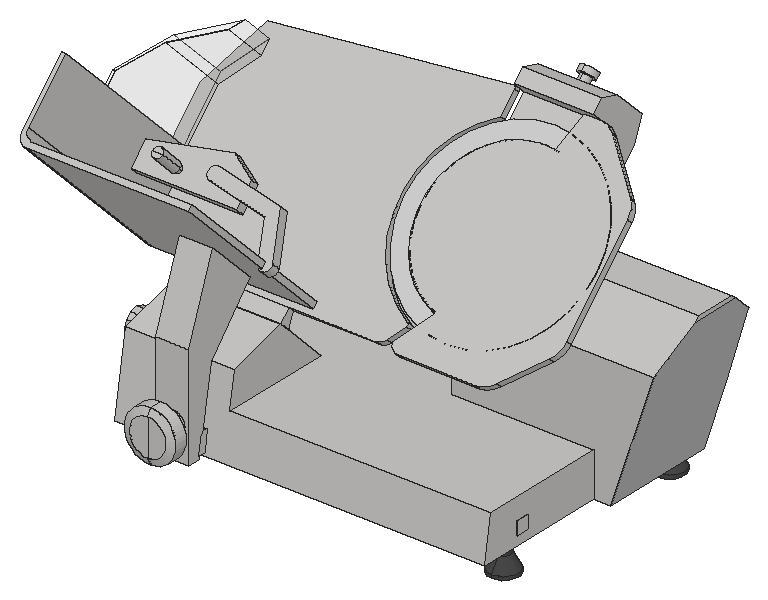
Revit family "QF_ELECTROLUXPROFESSIONAL_601009_MSGA30G", category Attrezzature speciali, Revit 2020
Family settings
  Quota connettore circolare = Usa diametro
  Tipo di parte = Normale
  Basato su piano di lavoro = No
  Sempre verticale = Sì
  Taglio con vuoti quando caricato = No
  Condiviso = No
  Punto di calcolo locali = No
Parameters (values of type "Standard")
  Weight = 49.00 kg
  Watts = 500 W
  Volts = 230 V
  URL Manufacturer = "https://www.electroluxprofessional.com/"
  URL = "https://www.electroluxprofessional.com/"
  Steam Supply Size = 0 mm
  Steam Supply Minimum Pressure = 0.0 Pa
  Steam Supply Maximum Pressure = 0.0 Pa
  Steam Consumption per Hour = 0
  Refrigeration Suction Line Size = 0 mm
  Refrigeration Liquid Line Size = 0 mm
  Refrigerant Compressor Remote = yes
  Prospetto di default = 0 mm
  Produttore = "Electrolux Professional"
  Phase = 1
  Modello = "MSGA30G"
  Length Actual = 760 mm  # constant formula
  Item Number = "601009"
  Hot Water Size = 0 mm
  Height Actual = 590 mm  # constant formula
  HP = "0.7 HP"
  Gas Size = 0 mm
  Gas KW = 0
  Gas Input Pressure = 0 W
  Direct Waste Size = 0 mm
  Descrizione = "GRAVITY SLICER 300 MM GEAR TRANS.AUTOM."
  Depth Actual = 520 mm  # constant formula
  Cycle = 50 Hz
  Condensate Return Size = 0 mm
  Compressed Air Volume = 0.0 L/s
  Compressed Air Size = 0 mm
  Compressed Air Pressure = 0.0 Pa
  Cold Water Size = 0 mm
  Accessory = yes
Reference planes
  plane 1 "Back": y = 0
  plane 2: z = 0
  plane 3 "Left": x = 0
Forms (mm)
  Extrusion 1, solid, material "QF_Finishes_Stainless Steel"
    sketch origin (85, -122.055, 30.262) x (0, 1, 0) y (0, 0, 1)
      loop
        line (-333.601, 0.971) -> (-309.749, 123.674) -> (-237.002, 207.361) -> (-305.973, 276.332) -> (-351.34, 158.148) -> (-351.34, 0.971) -> (-333.601, 0.971)
    from 0 to 50
  Extrusion 2, solid, material "QF_Finishes_Stainless Steel"
    sketch origin (2551.751, -61.426, 70.957) x (0, 1, 0) y (0, 0, 1)
      loop
        line (-176.306, 156.519) -> (-176.306, -39.307) -> (5.363, -39.307) -> (-6.046, 178.383)
        arc (-6.046, 178.383) -> (-7.251, 181.385) -> (-10.041, 183.021) r 5
        line (-10.041, 183.021) -> (-84.809, 248.016) -> (-176.306, 156.519)
    from -2207.668 to -1883.433
  Extrusion 3, solid, material "QF_Finishes_Stainless Steel"
    sketch origin (366.066, -66.135, 60.856) x (0, 0.965926, -0.258819) y (0, 0.258819, 0.965926)
      loop
        line (-22.353, 351.363) -> (-78.648, 383.865) -> (-108.648, 383.865) -> (-119.762, 364.616) -> (-97.262, 351.626) -> (-116.148, 318.913) -> (-64.187, 288.913)
        arc (-64.187, 288.913) -> (-52.101, 292.661) -> (-39.728, 290.011) r 25
        line (-39.728, 290.011) -> (-27.228, 311.661) -> (-22.353, 351.363)
    from -47.292 to 72.708
  Extrusion 4, solid, material "QF_Finishes_Stainless Steel"
    sketch origin (-860, -326.589, 211.405) x (1, 0, 0) y (0, 0.707107, 0.707107)
      loop
        line (813.75, -4.419) -> (1060, -4.419) -> (1060, 5) -> (818.75, 5)
        arc (818.75, 5) -> (808.143, 9.393) -> (803.75, 20) r 15
        line (803.75, 20) -> (803.75, 118.624) -> (798.75, 118.624) -> (798.75, 10.581)
        arc (798.75, 10.581) -> (803.143, -0.026) -> (813.75, -4.419) r 15
    from -13.725 to 318.968
  Extrusion 5, solid, material "QF_Finishes_Stainless Steel"
    sketch origin (-855, -277.722, 217.027) x (1, 0, 0) y (0, 0.707107, 0.707107)
      loop
        line (763.318, 161.542) -> (763.318, 94.781) -> (791.428, 17.549) -> (930.335, -50.201) -> (1150.048, -50.201)
        arc (1150.048, -50.201) -> (1158.255, -48.23) -> (1164.673, -42.749) r 18.077
        line (1164.673, -42.749) -> (1180.947, -20.35)
        arc (1180.947, -20.35) -> (1181.513, -17.285) -> (1179.484, -14.918) r 3.615
        arc (1179.484, -14.918) -> (1089.905, 116.11) -> (1167.4, 254.629) r 150.638
        line (1167.4, 254.629) -> (1167.4, 292.861)
        arc (1167.4, 292.861) -> (1166.204, 295.548) -> (1163.407, 296.457) r 3.615
        line (1163.407, 296.457) -> (811.058, 259.423) -> (763.318, 161.542)
      loop
        line (1187.069, -55.599) -> (1304.834, -55.599)
        arc (1304.834, -55.599) -> (1318.669, -52.847) -> (1330.398, -45.01) r 36.153
        line (1330.398, -45.01) -> (1382.226, 6.817)
        arc (1382.226, 6.817) -> (1390.063, 18.546) -> (1392.815, 32.381) r 36.153
        line (1392.815, 32.381) -> (1392.815, 196.031)
        arc (1392.815, 196.031) -> (1390.063, 209.866) -> (1382.226, 221.595) r 36.153
        line (1382.226, 221.595) -> (1319.339, 284.482)
        arc (1319.339, 284.482) -> (1307.61, 292.319) -> (1293.775, 295.071) r 36.153
        line (1293.775, 295.071) -> (1271.742, 295.071) -> (1257.495, 242.147)
        arc (1257.495, 242.147) -> (1122.452, 147.611) -> (1208.089, 6.756) r 120.51
        line (1208.089, 6.756) -> (1172.092, -42.788)
        arc (1172.092, -42.788) -> (1177.215, -51.96) -> (1187.069, -55.599) r 15.16
    from 0 to 10
  Extrusion 6, solid, material "QF_Finishes_Handrails and Railings"
    sketch origin (-857.5, -276.981, 216.287) x (1, 0, 0) y (0, 0.707107, 0.707107)
      loop
        circle (1243.069, 123.499) r 120
      loop
        circle (1243.069, 123.499) r 146.139
    from 8.048 to 10.048
  Extrusion 7, solid, material "QF_Finishes_Stainless Steel"
    sketch origin (562, -232.867, 440.055) x (0, 0, 1) y (0, 1, 0)
      loop
        line (-392.404, -132.714) -> (-392.404, -152.714) -> (-372.404, -152.714) -> (-372.404, -132.714) -> (-392.404, -132.714)
    from 0 to 2
  Revolve 8, solid, material "QF_Finishes_Black"
    sketch origin (10, -2.5, 31.651) x (0, 1, 0) y (0, 0, 1)
      loop
        line (-20, 0) -> (-20, -31.651) -> (2.5, -31.651) -> (2.5, -26.651) -> (-10, -5) -> (-10, 0) -> (-20, 0)
      axis (-20, -31.651) -> (-20, 0)
    angle from 0 to 360
  Extrusion 9, solid, material "QF_Finishes_Stainless Steel"
    sketch origin (0, -185.812, -59.578) x (0, 0.819152, -0.573576) y (0, 0.573576, 0.819152)
      loop
        arc (-236.89, 100.813) -> (-242.412, 111.975) -> (-242.659, 124.426) r 28.564
        line (-242.659, 124.426) -> (-252.507, 126.163) -> (-257.03, 104.365) -> (-236.89, 100.813)
    from 82.054 to 165.038
  Revolve 10, solid, material "QF_Finishes_Handrails and Railings"
    sketch origin (396.25, -98.328, 38.933) x (0, 0.965926, -0.258819) y (0, 0.258819, 0.965926)
      loop
        line (-112.183, 311.259) -> (-156.845, 233.902) -> (-138.755, 223.458) -> (-118.755, 258.099) -> (-112.183, 311.259)
      axis (-138.755, 223.458) -> (-156.845, 233.902)
    angle from 0 to 360
  Revolve 11, solid, material "QF_Finishes_Black"
    sketch origin (550, -62.5, 31.651) x (0, 1, 0) y (0, 0, -1)
      loop
        line (-20, 0) -> (-10, 0) -> (-10, 5) -> (2.5, 26.651) -> (2.5, 31.651) -> (-20, 31.651) -> (-20, 0)
      axis (-20, 31.651) -> (-20, 0)
    angle from 0 to 360
  Revolve 12, solid, material "QF_Finishes_Black"
    sketch origin (10, -416.25, 31.651) x (0, -1, 0) y (0, 0, -1)
      loop
        line (-20, 0) -> (-10, 0) -> (-10, 5) -> (2.5, 26.651) -> (2.5, 31.651) -> (-20, 31.651) -> (-20, 0)
      axis (-20, 31.651) -> (-20, 0)
    angle from 0 to 360
  Revolve 13, solid, material "QF_Finishes_Black"
    sketch origin (550, -416.25, 31.651) x (0, -1, 0) y (0, 0, 1)
      loop
        line (-20, 0) -> (-20, -31.651) -> (2.5, -31.651) -> (2.5, -26.651) -> (-10, -5) -> (-10, 0) -> (-20, 0)
      axis (-20, -31.651) -> (-20, 0)
    angle from 0 to 360
  Extrusion 14, solid, material "QF_Finishes_Stainless Steel"
    sketch origin (-60, -107.734, 25.811) x (0, 1, 0) y (0, 0, 1)
      loop
        line (-346.965, 10.346) -> (-336.471, 10.346) -> (-331.182, 40.346) -> (-341.133, 40.346) -> (-346.965, 10.346)
    from 145 to 195
  Revolve 15, solid, material "QF_Finishes_Stainless Steel"
    sketch origin (-1014.056, -354.997, -19.835) x (1, 0, 0) y (0, 0, 1)
      loop
        line (1014.056, 171) -> (1011.556, 171) -> (1002.782, 157.226) -> (1002.782, 155.22) -> (999.669, 150.775) -> (999.669, 149.212) -> (995.281, 149.212) -> (995.281, 133) -> (1014.056, 133) -> (1014.056, 171)
      axis (995.281, 133) -> (1014.056, 133)
    angle from 0 to 360
  Extrusion 16, solid, material "QF_Finishes_Stainless Steel"
    sketch origin (-1014.056, -77.43, 49.151) x (0, 1, 0) y (0, 0, 1)
      loop
        line (-288.697, 82.907) -> (-296.745, 74.859) -> (-299.691, 63.865) -> (-296.745, 52.871) -> (-288.697, 44.823) -> (-277.704, 41.877) -> (-266.71, 44.823) -> (-258.662, 52.871) -> (-255.716, 63.865) -> (-258.662, 74.859) -> (-266.71, 82.907) -> (-277.704, 85.852) -> (-288.697, 82.907)
    from 975.281 to 995.281
  Revolve 17, solid, material "QF_Finishes_Stainless Steel"
    sketch origin (373.775, -66.135, 60.856) x (0, 0.965926, -0.258819) y (0, 0.258819, 0.965926)
      loop
        line (-60.28, 373.26) -> (-53.482, 369.335) -> (-47.768, 379.231) -> (-43.438, 376.731) -> (-38.886, 384.616) -> (-50.014, 391.041) -> (-60.28, 373.26)
      axis (-60.28, 373.26) -> (-50.014, 391.041)
    angle from 0 to 360
  Extrusion 18, solid, material "Vetro Trasparente"
    sketch origin (-1026.175, -198.326, 142.823) x (1, 0, 0) y (0, 0.707107, 0.707107)
      loop
        line (959.925, 7.799) -> (964.925, 7.799) -> (964.925, 162.745) -> (1000.743, 213.899) -> (1000.743, 235.858) -> (959.925, 177.563) -> (959.925, 7.799)
    from 125.466 to 336.698
  Revolve 19, solid, material "QF_Finishes_Stainless Steel"
    sketch origin (110, -95.805, 19.721) x (0, 1, 0) y (0, 0, 1)
      loop
        line (-377.59, 60.846) -> (-377.59, 78.816) -> (-395.099, 78.816) -> (-400.656, 99.554) -> (-419.582, 99.554) -> (-424.195, 88.687) -> (-424.195, 60.846) -> (-377.59, 60.846)
      axis (-377.59, 60.846) -> (-424.195, 60.846)
    angle from 0 to 360
  Extrusion 20, solid, material "QF_Finishes_Stainless Steel"
    sketch origin (-1195.747, -530.976, 140.435) x (1, 0, 0) y (0, 0.707107, 0.707107)
      loop
        line (1157.755, 287.815) -> (1157.755, 247.815) -> (1317.755, 247.815) -> (1317.755, 287.815) -> (1278.255, 310.62) -> (1157.755, 287.815)
    from 0 to 15
  Extrusion 21, solid, material "QF_Finishes_Stainless Steel"
    sketch origin (-1195.747, -541.583, 151.041) x (1, 0, 0) y (0, 0.707107, 0.707107)
      loop
        arc (1278.158, 286.028) -> (1266.573, 277.917) -> (1274.685, 266.332) r 10
        line (1274.685, 266.332) -> (1366.873, 250.077) -> (1389.061, 193.545)
        arc (1389.061, 193.545) -> (1402.023, 187.89) -> (1407.678, 200.852) r 10
        line (1407.678, 200.852) -> (1381.393, 267.825) -> (1278.158, 286.028)
    from 0 to 15
  Revolve 22, solid, material "QF_Finishes_Stainless Steel"
    sketch origin (-1195.747, -341.603, 329.808) x (1, 0, 0) y (0, 0.707107, -0.707107)
      loop
        line (1217.755, -15) -> (1217.755, -70) -> (1225.755, -70) -> (1225.755, -25) -> (1222.755, -25) -> (1222.755, -15) -> (1217.755, -15)
      axis (1217.755, -15) -> (1217.755, -70)
    angle from 0 to 360
  Extrusion 23, solid, material "QF_Finishes_Stainless Steel"
    sketch origin (0, 725.07, 0) x (0, 1, 0) y (0, 0, 1)
      loop
        line (-725.07, 31.651) -> (-729.717, 98.092) -> (-986.321, 98.092) -> (-1061.568, 173.339) -> (-1149.229, 149.851) -> (-1170.07, 31.651) -> (-725.07, 31.651)
    from 0 to 560
  Extrusion 24, void
    sketch origin (-580, 725.07, 0) x (1, 0, 0) y (0, 0, 1)
      loop
        line (1140, 98.092) -> (1140, 252.585) -> (726.038, 252.585) -> (726.038, 230.71) -> (745.038, 230.71) -> (745.038, 98.092) -> (1140, 98.092)
    from 928.534 to 1215.975
  Extrusion 25, void
    sketch origin (0, 725.07, 0) x (1, 0, 0) y (0, 1, 0)
      loop
        line (749.084, -786.712) -> (749.084, -702.514) -> (256.584, -702.514) -> (256.584, -726.712)
        arc (256.584, -726.712) -> (291.036, -770.272) -> (344.084, -786.712) r 93.802
        line (344.084, -786.712) -> (749.084, -786.712)
    from 0 to 167.979
  Extrusion 26, void
    sketch origin (25, 705.159, -9) x (0, 1, 0) y (0, 0, 1)
      loop
        line (-1092.154, 460.316) -> (-839.353, 451.488) -> (-970.168, 582.303) -> (-1092.154, 460.316)
    from -129.832 to 15
  Extrusion 27, void
    sketch origin (0, 725.07, 0) x (1, 0, 0) y (0, 0, 1)
      loop
        line (460.019, 328.002) -> (460.019, 300)
        arc (460.019, 300) -> (462.948, 292.929) -> (470.019, 290) r 10
        line (470.019, 290) -> (690.019, 290) -> (690.019, 328.002) -> (460.019, 328.002)
    from 804.616 to 940
  Extrusion 28, void
    sketch origin (0.719, 725.07, 1.376) x (1, 0, 0) y (0, 0, 1)
      loop
        line (583.235, 28.624) -> (682.599, 28.624) -> (682.599, 327.91) -> (583.235, 28.624)
    from 745.119 to 1004.973
Cuts and joins
  joined: Extrusion 5, Extrusion 9
  Extrusion 24, Extrusion 25 cuts Extrusion 23
  Extrusion 26 cuts Extrusion 18
  Extrusion 25, Extrusion 27, Extrusion 28 cuts Extrusion 2
Dimensions and locks
  cut or joined group of Extrusion 23, Extrusion 24, Extrusion 25 to cut or joined group of Extrusion 23, Extrusion 24, Extrusion 25 = 560 mm
  Extrusion 2 to cut or joined group of Extrusion 5, Extrusion 9 = 760 mm
  Extrusion 4 to level = 520.829 mm
  plane 1 "Back" to Revolve 19 = 520 mm
  Extrusion 23 sketch curve to Extrusion 23 sketch curve = 445 mm
  Extrusion 5 sketch curve to cut or joined group of Extrusion 2, Extrusion 25, Extrusion 27, Extrusion 28 = 760 mm
  aligned and locked: level to plane 2
Nested families
  nested 1: "Bottone" at (0, -36.642, 73.049) x (0, 1, 0) z (-1, 0, 0), type "Bottone"
  nested 2: "Bottone" at (0, -71.613, 73.049) x (0, 1, 0) z (-1, 0, 0), type "Bottone"
  nested 3: "SPIA_GREEN" at (0, -106.353, 72.031) x (0, 1, 0) z (-1, 0, 0), type "SPIA_GREEN"
Connectors
  electrical at (562, -375.58, 57.651)
    settings: on Extrusion 7, index 6, voltage 230 V, apparent load 0 VA, apparent load phase1 0 VA, apparent load phase2 0 VA, apparent load phase3 0 VA, power factor 1, load classification "Altro", number of poles 1, system type 30, power factor state 1, is connector primary yes, connector utility no, sub classification motor no, connector description "EI"
Definition of nested family "Bottone"
  Parameters (values of type "Bottone")
    Default Elevation = 1219.2 mm
  Reference planes
    plane 1 "Centro (Fronte/Retro)": y = 0
    plane 2: z = 0
    plane 3 "Centro (Sinistra/Destra)": x = 0
  Forms (mm)
    Extrusion 1, solid
      sketch origin (0, 0, 0) x (1, 0, 0) y (0, 1, 0)
        loop
          line (-1219.2, 1219.2) -> (-1219.2, -1219.2) -> (1219.2, -1219.2) -> (1219.2, 1219.2) -> (-1219.2, 1219.2)
      from 0 to -304.8
    Extrusion 2, solid
      sketch origin (0, 0, 0) x (1, 0, 0) y (0, 1, 0)
        loop
          circle (0, 0) r 12
        loop
          circle (0, 0) r 10
      from 0 to 2
    Extrusion 3, solid
      sketch origin (0, 0, 0) x (1, 0, 0) y (0, 1, 0)
        loop
          circle (0, 0) r 9.75
      from 0 to 3
  Dimensions and locks
    aligned and locked: plane 2 to Extrusion 1
    aligned and locked: level to Extrusion 1
Definition of nested family "SPIA_GREEN"
  Parameters
    Default Elevation = 1219.2 mm
  Reference planes
    plane 1 "Centro (Fronte/Retro)": y = 0
    plane 2: z = 0
    plane 3 "Centro (Sinistra/Destra)": x = 0
  Forms (mm)
    Extrusion 1, solid
      sketch origin (0, 0, 0) x (1, 0, 0) y (0, 1, 0)
        loop
          line (-1219.2, 1219.2) -> (-1219.2, -1219.2) -> (1219.2, -1219.2) -> (1219.2, 1219.2) -> (-1219.2, 1219.2)
      from 0 to -304.8
    Extrusion 2, solid
      sketch origin (-367.513, 69.533, 3.175) x (-1, 0, 0) y (0, 1, 0)
        loop
          circle (-367.513, -69.533) r 8
      from 0 to 3.175
  Dimensions and locks
    aligned and locked: plane 2 to Extrusion 1
    aligned and locked: level to Extrusion 1
